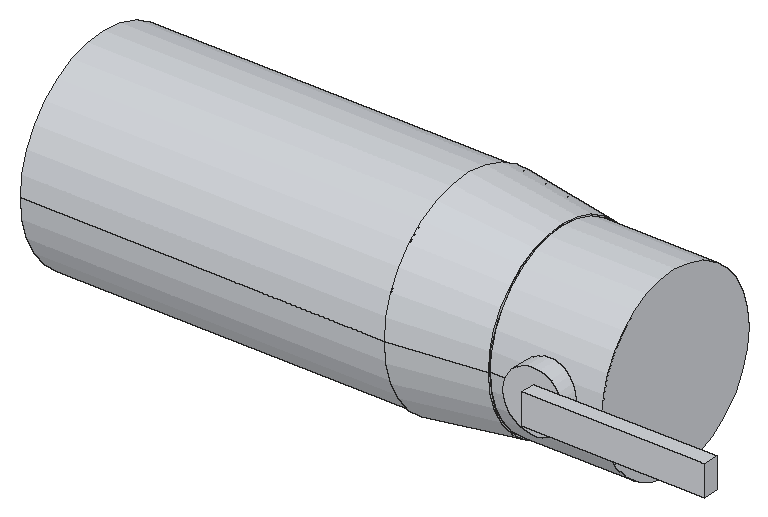
Revit family "M_Encaixe de duto redondo com abafador - Cônico", category Conexões de duto, Revit 2019
Family settings
  Cota do conector redondo = Usar raio
  Tipo de parte = Derivação - Ajustável
  Número OmniClass = 23.75.70.14
  Título OmniClass = Air Ductwork
  ID de item do Seek = Round Takeoff with Damper - Conical-0000-CAN-ENU
  Com base no plano de trabalho = Não
  Sempre na vertical = Sim
  Corte com vazios quando carregada = Não
  Compartilhado = Não
Parameters (values of type "Padrão")
  Altura 1 [instance] = Raio do duto 2 + Comprimento 1  # 87.5 mm
  built-in parameter 1114214 [instance] = 300 mm
  built-in parameter 1114213 [instance] = 220 mm
  built-in parameter 1114215 [instance] = if(Diâmetro do duto 2 > 875 mm, Diâmetro do duto 2 * 0.25, 220 mm)  # 0.72178 (stored number, unit not read)
  Raio 1 [instance] = Largura do puxador * 2  # 25 mm
  Comprimento 1 [instance] = 12.5 mm
  Largura do puxador [instance] = 12.5 mm
  Comprimento do puxador [instance] = 150 mm
  Altura do puxador [instance] = 25 mm
  Meia largura [instance] = Raio do duto 1 / 2  # 42.712 mm
  Diâmetro do duto 2 [instance] = Raio do duto 2 * 2  # 150 mm
  Raio do duto 1 [instance] = 1.139 * Raio do duto 2  # 85.425 mm
  Comprimento 2 [instance] = [built-in parameter 1114213] * 0.35  # 77 mm
  Raio do duto 2 [instance] = 75 mm
  Diâmetro do duto 1 [instance] = Raio do duto 1 * 2  # 170.85 mm
  Assembly Code = ""
Reference planes
  plane 1 "Centro (Frente/Trás)": y = 0
  plane 2: z = 0
  plane 3 "Centro (Esquerda/Direita)": x = 0
  plane 4: x = -300
  plane 5: x = 220
  plane 6: x = 77
  plane 7: x = 123.1
  plane 8: x = 169.2
  plane 9: y = -87.5
  plane 10: y = 75
Forms (mm)
  Extrusion 1, solid, detail levels medium+fine
    sketch origin (0, 0, 0) x (0, 1, 0) y (0, 0, 1)
      loop
        circle (0, 0) r 75
    from 77 to 169.2
  Blend 2, solid, detail levels medium+fine
    base sketch origin (0, 0, 0) x (0, 1, 0) y (0, 0, 1)
      loop
        circle (0, 0) r 85.425
    top sketch origin (0, 0, 0) x (0, 1, 0) y (0, 0, 1)
      loop
        circle (0, 0) r 75
    from 0 to 77
  Blend 3, solid, detail levels medium+fine
    base sketch origin (0, 0, 0) x (0, 1, 0) y (0, 0, 1)
      loop
        circle (0, 0) r 86.792
    top sketch origin (0, 0, 0) x (0, 1, 0) y (0, 0, 1)
      loop
        circle (0, 0) r 76.2
    from 0 to 77
  Extrusion 4, solid, detail levels medium+fine
    sketch origin (0, 0, 0) x (0, 1, 0) y (0, 0, 1)
      loop
        circle (0, 0) r 85.425
    from -300 to 0
  Extrusion 5, solid, detail levels medium+fine
    sketch origin (0, 0, 0) x (1, 0, 0) y (0, 0, 1)
      loop
        circle (123.1, 0) r 25
    from 0 to 87.5
  Extrusion 6, solid, detail levels medium+fine
    sketch origin (0, 0, 0) x (1, 0, 0) y (0, 0, 1)
      loop
        line (123.1, 12.5) -> (123.1, -12.5) -> (273.1, -12.5) -> (273.1, 12.5) -> (123.1, 12.5)
    from 87.5 to 100
Cuts and joins
  joined: Extrusion 1, Extrusion 5
Lines and regions (mm)
  model lines, not visible, detail levels medium+fine
    curve 1: line (0, 0, 0) -> (220, 0, 0)
  model lines, detail levels coarse
    curve 2: line (123.1, 75, 0) -> (123.1, -100, 0)
    curve 3: line (123.1, -100, 0) -> (273.1, -100, 0)
Dimensions and locks
  "built-in parameter 1114214": plane 4 to plane 3 "Centro (Esquerda/Direita)"
  "built-in parameter 1114213": plane 3 "Centro (Esquerda/Direita)" to plane 5
  "Comprimento 2": plane 3 "Centro (Esquerda/Direita)" to plane 6
  locked: plane 8 to plane 5 at 50.8
  equal spacing: plane 6, plane 7, plane 8
  "Altura 1": plane 1 "Centro (Frente/Trás)" to plane 9
  equal spacing: Extrusion 6 sketch curve, plane 2, Extrusion 6 sketch curve
  "Altura do puxador": Extrusion 6 sketch curve to Extrusion 6 sketch curve
  "Comprimento do puxador": plane 7 to Extrusion 6 sketch curve
  "Largura do puxador": Extrusion 6 to Extrusion 6
  "Raio do duto 2": plane 10 to plane 1 "Centro (Frente/Trás)"
  "Raio do duto 2": radius of Extrusion 1 sketch curve
  "Raio do duto 2": radius of Blend 2 sketch curve
  "Raio do duto 1": radius of Blend 2 sketch curve
  "Raio do duto 1": radius of Extrusion 4 sketch curve
  "Raio 1": radius of Extrusion 5 sketch curve
  aligned and locked: plane 3 "Centro (Esquerda/Direita)" to curve 1
  aligned and locked: plane 1 "Centro (Frente/Trás)" to curve 1
  aligned and locked: plane 5 to curve 1
  aligned and locked: plane 2 to Extrusion 1 sketch curve
  aligned and locked: plane 1 "Centro (Frente/Trás)" to Extrusion 1 sketch curve
  aligned and locked: Extrusion 1 to plane 6
  aligned and locked: plane 2 to Blend 2 sketch curve
  aligned and locked: plane 1 "Centro (Frente/Trás)" to Blend 2 sketch curve  (x2)
  aligned and locked: Blend 2 to plane 3 "Centro (Esquerda/Direita)"
  aligned and locked: plane 6 to Blend 2
  aligned and locked: level to Blend 2 sketch curve
  aligned and locked: plane 2 to Blend 3 sketch curve  (x2)
  aligned and locked: plane 1 "Centro (Frente/Trás)" to Blend 3 sketch curve  (x2)
  aligned and locked: Blend 3 to plane 3 "Centro (Esquerda/Direita)"
  aligned and locked: plane 6 to Blend 3
  aligned and locked: plane 2 to Extrusion 4 sketch curve
  aligned and locked: plane 1 "Centro (Frente/Trás)" to Extrusion 4 sketch curve
  aligned and locked: Extrusion 4 to plane 4
  aligned and locked: plane 3 "Centro (Esquerda/Direita)" to Extrusion 4
  aligned and locked: plane 2 to Extrusion 5 sketch curve
  aligned and locked: plane 7 to Extrusion 5 sketch curve
  aligned and locked: plane 7 to Extrusion 6 sketch curve
  aligned and locked: Extrusion 5 to plane 1 "Centro (Frente/Trás)"
  aligned and locked: Extrusion 5 to plane 9
  aligned and locked: Extrusion 6 to Extrusion 5
  aligned and locked: plane 10 to curve 2
  aligned and locked: curve 2 to plane 7
  aligned and locked: plane 8 to cut or joined group of Extrusion 1, Extrusion 5
  aligned and locked: curve 3 to Extrusion 6  (x2)
Automatic sketch dimensions
  radius of Blend 3 sketch curve = 86.792 mm
  radius of Blend 3 sketch curve = 76.2 mm
Connectors
  hvac at (0, 0, 0), driven by "Raio do duto 2"
    settings: on Blend 2, index 1, duct flow 0.0 L/s, flow factor 0, pres drop 0.0 Pa, loss coef 0, conn angle 0.00°, conn width 304.8 mm, conn height 304.8 mm, conn diameter 150 mm, duct sys type 28, conn prof type 0, flow config 0, flow direction 0, loss method 0, conn ref index 2, conn util no, is conn primary yes, conn desc ""
  hvac at (169.2, 0, 0), driven by "Raio do duto 2"
    settings: on cut or joined group of Extrusion 1, Extrusion 5, index 2, duct flow 0.0 L/s, flow factor 0, pres drop 0.0 Pa, loss coef 0, conn angle 0.00°, conn width 304.8 mm, conn height 304.8 mm, conn diameter 150 mm, duct sys type 28, conn prof type 0, flow config 0, flow direction 0, loss method 0, conn ref index 1, conn util no, is conn primary no, conn desc ""
